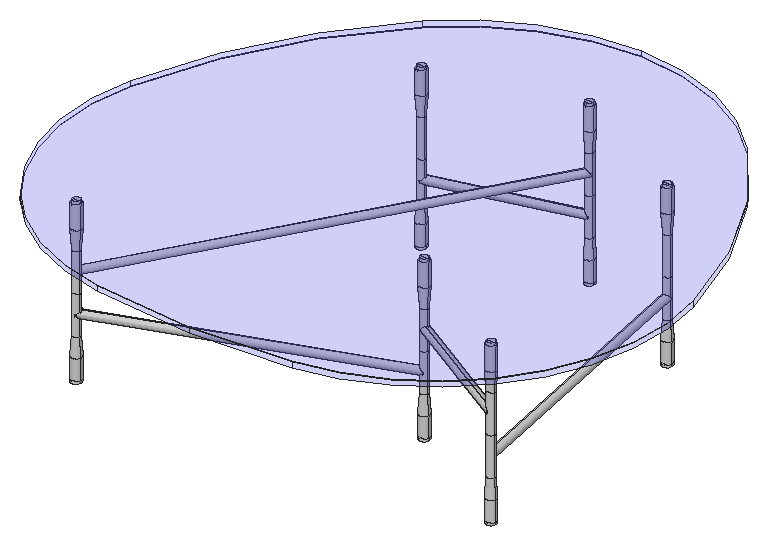
Revit family "Hinge Ovale-LivingDivani", category Furniture, Revit 2013
Parameters (values of type "Hinge Ovale1")
  URL = "http://www.livingdivani.it"
  Model = "Hinge"
  Mat. Vetro = Vetro
  Mat. Struttura = Steel, Polished
  Manufacturer = "LivingDivani"
  Hinge Ovale2 = not(Hinge Ovale1)  # no
  Hinge Ovale1 = yes
  Codice prodotto = "HINV120118"
Types (3, lengths in cm): name | Hinge Ovale2 | Hinge Ovale1
  (no name) | no | yes
  Hinge Ovale1 | no | yes
  Hinge Ovale2 | yes | no
Reference planes (cm)
  plane 1 "Centro (Fronte/Retro)": y = 0
  plane 2: z = 0
  plane 3 "Centro (Sinistra/Destra)": x = 0
  plane 4: z = 32
  plane 5: z = 34
Forms (cm)
  Revolve 1, solid, material "Steel, Polished" <- "Mat. Struttura", visible <- "Hinge Ovale1"
    sketch origin (0, 35.9858, 0) x (1, 0, 0) y (0, 0, 1)
      loop
        line (-26.5272, 33.5) -> (-26.5272, 34) -> (-27.3272, 34) -> (-27.3272, 24.75) -> (-26.5272, 24.75) -> (-26.3272, 28.75) -> (-26.3272, 33.5) -> (-26.5272, 33.5)
      axis (-27.3272, 34) -> (-27.3272, 24.75)
    angle from 0 to 360
  Revolve 2, solid, material "Steel, Polished" <- "Mat. Struttura", visible <- "Hinge Ovale1"
    sketch origin (0, 35.9858, 0) x (1, 0, 0) y (0, 0, 1)
      loop
        line (-27.3272, 24.75) -> (-27.3272, 16.75) -> (-26.5272, 16.75) -> (-26.5272, 24.75) -> (-27.3272, 24.75)
      axis (-27.3272, 24.75) -> (-27.3272, 16.75)
    angle from 0 to 360
  Revolve 3, solid, material "Steel, Polished" <- "Mat. Struttura", visible <- "Hinge Ovale1"
    sketch origin (0, 35.9858, 0) x (1, 0, 0) y (0, 0, 1)
      loop
        line (-27.3272, 16.75) -> (-27.3272, 8.75) -> (-26.5272, 8.75) -> (-26.5272, 16.75) -> (-27.3272, 16.75)
      axis (-27.3272, 16.75) -> (-27.3272, 8.75)
    angle from 0 to 360
  Revolve 4, solid, material "Steel, Polished" <- "Mat. Struttura", visible <- "Hinge Ovale1"
    sketch origin (0, 35.9858, 0) x (1, 0, 0) y (0, 0, 1)
      loop
        line (-26.3272, 4.75) -> (-26.5272, 8.75) -> (-27.3272, 8.75) -> (-27.3272, 0.5) -> (-26.3272, 0.5) -> (-26.3272, 4.75)
      axis (-27.3272, 8.75) -> (-27.3272, 0.5)
    angle from 0 to 360
  Revolve 5, solid, material "Steel, Polished" <- "Mat. Struttura", visible <- "Hinge Ovale1"
    sketch origin (0, 35.9858, 0) x (1, 0, 0) y (0, 0, 1)
      loop
        line (-27.3272, 0.5) -> (-27.3272, 0) -> (-26.3272, 0) -> (-26.3272, 0.5) -> (-27.3272, 0.5)
      axis (-27.3272, 0.5) -> (-27.3272, 0)
    angle from 0 to 360
  Revolve 6, solid, material "Steel, Polished" <- "Mat. Struttura", visible <- "Hinge Ovale1"
    sketch origin (28.9778, 43.7504, 0) x (1, 0, 0) y (0, 0, 1)
      loop
        line (-26.5272, 33.5) -> (-26.5272, 34) -> (-27.3272, 34) -> (-27.3272, 24.75) -> (-26.5272, 24.75) -> (-26.3272, 28.75) -> (-26.3272, 33.5) -> (-26.5272, 33.5)
      axis (-27.3272, 34) -> (-27.3272, 24.75)
    angle from 0 to 360
  Revolve 7, solid, material "Steel, Polished" <- "Mat. Struttura", visible <- "Hinge Ovale1"
    sketch origin (28.9778, 43.7504, 0) x (1, 0, 0) y (0, 0, 1)
      loop
        line (-27.3272, 24.75) -> (-27.3272, 16.75) -> (-26.5272, 16.75) -> (-26.5272, 24.75) -> (-27.3272, 24.75)
      axis (-27.3272, 24.75) -> (-27.3272, 16.75)
    angle from 0 to 360
  Revolve 8, solid, material "Steel, Polished" <- "Mat. Struttura", visible <- "Hinge Ovale1"
    sketch origin (28.9778, 43.7504, 0) x (1, 0, 0) y (0, 0, 1)
      loop
        line (-27.3272, 16.75) -> (-27.3272, 8.75) -> (-26.5272, 8.75) -> (-26.5272, 16.75) -> (-27.3272, 16.75)
      axis (-27.3272, 16.75) -> (-27.3272, 8.75)
    angle from 0 to 360
  Revolve 9, solid, material "Steel, Polished" <- "Mat. Struttura", visible <- "Hinge Ovale1"
    sketch origin (28.9778, 43.7504, 0) x (1, 0, 0) y (0, 0, 1)
      loop
        line (-26.3272, 4.75) -> (-26.5272, 8.75) -> (-27.3272, 8.75) -> (-27.3272, 0.5) -> (-26.3272, 0.5) -> (-26.3272, 4.75)
      axis (-27.3272, 8.75) -> (-27.3272, 0.5)
    angle from 0 to 360
  Revolve 10, solid, material "Steel, Polished" <- "Mat. Struttura", visible <- "Hinge Ovale1"
    sketch origin (28.9778, 43.7504, 0) x (1, 0, 0) y (0, 0, 1)
      loop
        line (-27.3272, 0.5) -> (-27.3272, 0) -> (-26.3272, 0) -> (-26.3272, 0.5) -> (-27.3272, 0.5)
      axis (-27.3272, 0.5) -> (-27.3272, 0)
    angle from 0 to 360
  Revolve 11, solid, material "Steel, Polished" <- "Mat. Struttura", visible <- "Hinge Ovale1"
    sketch origin (-16.0222, -34.1919, 0) x (1, 0, 0) y (0, 0, 1)
      loop
        line (-26.5272, 33.5) -> (-26.5272, 34) -> (-27.3272, 34) -> (-27.3272, 24.75) -> (-26.5272, 24.75) -> (-26.3272, 28.75) -> (-26.3272, 33.5) -> (-26.5272, 33.5)
      axis (-27.3272, 34) -> (-27.3272, 24.75)
    angle from 0 to 360
  Revolve 12, solid, material "Steel, Polished" <- "Mat. Struttura", visible <- "Hinge Ovale1"
    sketch origin (-16.0222, -34.1919, 0) x (1, 0, 0) y (0, 0, 1)
      loop
        line (-27.3272, 24.75) -> (-27.3272, 16.75) -> (-26.5272, 16.75) -> (-26.5272, 24.75) -> (-27.3272, 24.75)
      axis (-27.3272, 24.75) -> (-27.3272, 16.75)
    angle from 0 to 360
  Revolve 13, solid, material "Steel, Polished" <- "Mat. Struttura", visible <- "Hinge Ovale1"
    sketch origin (-16.0222, -34.1919, 0) x (1, 0, 0) y (0, 0, 1)
      loop
        line (-27.3272, 16.75) -> (-27.3272, 8.75) -> (-26.5272, 8.75) -> (-26.5272, 16.75) -> (-27.3272, 16.75)
      axis (-27.3272, 16.75) -> (-27.3272, 8.75)
    angle from 0 to 360
  Revolve 14, solid, material "Steel, Polished" <- "Mat. Struttura", visible <- "Hinge Ovale1"
    sketch origin (-16.0222, -34.1919, 0) x (1, 0, 0) y (0, 0, 1)
      loop
        line (-26.3272, 4.75) -> (-26.5272, 8.75) -> (-27.3272, 8.75) -> (-27.3272, 0.5) -> (-26.3272, 0.5) -> (-26.3272, 4.75)
      axis (-27.3272, 8.75) -> (-27.3272, 0.5)
    angle from 0 to 360
  Revolve 15, solid, material "Steel, Polished" <- "Mat. Struttura", visible <- "Hinge Ovale1"
    sketch origin (-16.0222, -34.1919, 0) x (1, 0, 0) y (0, 0, 1)
      loop
        line (-27.3272, 0.5) -> (-27.3272, 0) -> (-26.3272, 0) -> (-26.3272, 0.5) -> (-27.3272, 0.5)
      axis (-27.3272, 0.5) -> (-27.3272, 0)
    angle from 0 to 360
  Revolve 16, solid, material "Steel, Polished" <- "Mat. Struttura", visible <- "Hinge Ovale1"
    sketch origin (40.3593, -13.6707, 0) x (1, 0, 0) y (0, 0, 1)
      loop
        line (-26.5272, 33.5) -> (-26.5272, 34) -> (-27.3272, 34) -> (-27.3272, 24.75) -> (-26.5272, 24.75) -> (-26.3272, 28.75) -> (-26.3272, 33.5) -> (-26.5272, 33.5)
      axis (-27.3272, 34) -> (-27.3272, 24.75)
    angle from 0 to 360
  Revolve 17, solid, material "Steel, Polished" <- "Mat. Struttura", visible <- "Hinge Ovale1"
    sketch origin (40.3593, -13.6707, 0) x (1, 0, 0) y (0, 0, 1)
      loop
        line (-27.3272, 24.75) -> (-27.3272, 16.75) -> (-26.5272, 16.75) -> (-26.5272, 24.75) -> (-27.3272, 24.75)
      axis (-27.3272, 24.75) -> (-27.3272, 16.75)
    angle from 0 to 360
  Revolve 18, solid, material "Steel, Polished" <- "Mat. Struttura", visible <- "Hinge Ovale1"
    sketch origin (40.3593, -13.6707, 0) x (1, 0, 0) y (0, 0, 1)
      loop
        line (-27.3272, 16.75) -> (-27.3272, 8.75) -> (-26.5272, 8.75) -> (-26.5272, 16.75) -> (-27.3272, 16.75)
      axis (-27.3272, 16.75) -> (-27.3272, 8.75)
    angle from 0 to 360
  Revolve 19, solid, material "Steel, Polished" <- "Mat. Struttura", visible <- "Hinge Ovale1"
    sketch origin (40.3593, -13.6707, 0) x (1, 0, 0) y (0, 0, 1)
      loop
        line (-26.3272, 4.75) -> (-26.5272, 8.75) -> (-27.3272, 8.75) -> (-27.3272, 0.5) -> (-26.3272, 0.5) -> (-26.3272, 4.75)
      axis (-27.3272, 8.75) -> (-27.3272, 0.5)
    angle from 0 to 360
  Revolve 20, solid, material "Steel, Polished" <- "Mat. Struttura", visible <- "Hinge Ovale1"
    sketch origin (40.3593, -13.6707, 0) x (1, 0, 0) y (0, 0, 1)
      loop
        line (-27.3272, 0.5) -> (-27.3272, 0) -> (-26.3272, 0) -> (-26.3272, 0.5) -> (-27.3272, 0.5)
      axis (-27.3272, 0.5) -> (-27.3272, 0)
    angle from 0 to 360
  Revolve 21, solid, material "Steel, Polished" <- "Mat. Struttura", visible <- "Hinge Ovale1"
    sketch origin (66.3401, -28.6707, 0) x (1, 0, 0) y (0, 0, 1)
      loop
        line (-26.5272, 33.5) -> (-26.5272, 34) -> (-27.3272, 34) -> (-27.3272, 24.75) -> (-26.5272, 24.75) -> (-26.3272, 28.75) -> (-26.3272, 33.5) -> (-26.5272, 33.5)
      axis (-27.3272, 34) -> (-27.3272, 24.75)
    angle from 0 to 360
  Revolve 22, solid, material "Steel, Polished" <- "Mat. Struttura", visible <- "Hinge Ovale1"
    sketch origin (66.3401, -28.6707, 0) x (1, 0, 0) y (0, 0, 1)
      loop
        line (-27.3272, 24.75) -> (-27.3272, 16.75) -> (-26.5272, 16.75) -> (-26.5272, 24.75) -> (-27.3272, 24.75)
      axis (-27.3272, 24.75) -> (-27.3272, 16.75)
    angle from 0 to 360
  Revolve 23, solid, material "Steel, Polished" <- "Mat. Struttura", visible <- "Hinge Ovale1"
    sketch origin (66.3401, -28.6707, 0) x (1, 0, 0) y (0, 0, 1)
      loop
        line (-27.3272, 16.75) -> (-27.3272, 8.75) -> (-26.5272, 8.75) -> (-26.5272, 16.75) -> (-27.3272, 16.75)
      axis (-27.3272, 16.75) -> (-27.3272, 8.75)
    angle from 0 to 360
  Revolve 24, solid, material "Steel, Polished" <- "Mat. Struttura", visible <- "Hinge Ovale1"
    sketch origin (66.3401, -28.6707, 0) x (1, 0, 0) y (0, 0, 1)
      loop
        line (-26.3272, 4.75) -> (-26.5272, 8.75) -> (-27.3272, 8.75) -> (-27.3272, 0.5) -> (-26.3272, 0.5) -> (-26.3272, 4.75)
      axis (-27.3272, 8.75) -> (-27.3272, 0.5)
    angle from 0 to 360
  Revolve 25, solid, material "Steel, Polished" <- "Mat. Struttura", visible <- "Hinge Ovale1"
    sketch origin (66.3401, -28.6707, 0) x (1, 0, 0) y (0, 0, 1)
      loop
        line (-27.3272, 0.5) -> (-27.3272, 0) -> (-26.3272, 0) -> (-26.3272, 0.5) -> (-27.3272, 0.5)
      axis (-27.3272, 0.5) -> (-27.3272, 0)
    angle from 0 to 360
  Revolve 26, solid, material "Steel, Polished" <- "Mat. Struttura", visible <- "Hinge Ovale1"
    sketch origin (55.9212, 30.4178, 0) x (1, 0, 0) y (0, 0, 1)
      loop
        line (-26.5272, 33.5) -> (-26.5272, 34) -> (-27.3272, 34) -> (-27.3272, 24.75) -> (-26.5272, 24.75) -> (-26.3272, 28.75) -> (-26.3272, 33.5) -> (-26.5272, 33.5)
      axis (-27.3272, 34) -> (-27.3272, 24.75)
    angle from 0 to 360
  Revolve 27, solid, material "Steel, Polished" <- "Mat. Struttura", visible <- "Hinge Ovale1"
    sketch origin (55.9212, 30.4178, 0) x (1, 0, 0) y (0, 0, 1)
      loop
        line (-27.3272, 24.75) -> (-27.3272, 16.75) -> (-26.5272, 16.75) -> (-26.5272, 24.75) -> (-27.3272, 24.75)
      axis (-27.3272, 24.75) -> (-27.3272, 16.75)
    angle from 0 to 360
  Revolve 28, solid, material "Steel, Polished" <- "Mat. Struttura", visible <- "Hinge Ovale1"
    sketch origin (55.9212, 30.4178, 0) x (1, 0, 0) y (0, 0, 1)
      loop
        line (-27.3272, 16.75) -> (-27.3272, 8.75) -> (-26.5272, 8.75) -> (-26.5272, 16.75) -> (-27.3272, 16.75)
      axis (-27.3272, 16.75) -> (-27.3272, 8.75)
    angle from 0 to 360
  Revolve 29, solid, material "Steel, Polished" <- "Mat. Struttura", visible <- "Hinge Ovale1"
    sketch origin (55.9212, 30.4178, 0) x (1, 0, 0) y (0, 0, 1)
      loop
        line (-26.3272, 4.75) -> (-26.5272, 8.75) -> (-27.3272, 8.75) -> (-27.3272, 0.5) -> (-26.3272, 0.5) -> (-26.3272, 4.75)
      axis (-27.3272, 8.75) -> (-27.3272, 0.5)
    angle from 0 to 360
  Revolve 30, solid, material "Steel, Polished" <- "Mat. Struttura", visible <- "Hinge Ovale1"
    sketch origin (55.9212, 30.4178, 0) x (1, 0, 0) y (0, 0, 1)
      loop
        line (-27.3272, 0.5) -> (-27.3272, 0) -> (-26.3272, 0) -> (-26.3272, 0.5) -> (-27.3272, 0.5)
      axis (-27.3272, 0.5) -> (-27.3272, 0)
    angle from 0 to 360
  Extrusion 31, solid, material "Vetro" <- "Mat. Vetro", visible <- "Hinge Ovale1"
    sketch origin (-61.1846, -152.4, 34) x (-1, 0, 0) y (0, -1, 0)
      loop
        arc (-60.2271, -212.973) -> (-41.7603, -209.0946) -> (-26.2271, -198.3808) r 47.8697
        arc (-26.2271, -198.3808) -> (-10.818, -177.4129) -> (-1.3568, -153.173) r 99.7422
        arc (-1.3568, -153.173) -> (-7.9459, -116.1425) -> (-39.8778, -96.2671) r 46.2266
        arc (-39.8778, -96.2671) -> (-50.0329, -95.2653) -> (-60.2271, -94.8085) r 190.5781
        arc (-60.2271, -94.8085) -> (-70.4213, -95.2653) -> (-80.5764, -96.2671) r 190.5781
        arc (-80.5764, -96.2671) -> (-112.5082, -116.1425) -> (-119.0974, -153.173) r 46.2266
        arc (-119.0974, -153.173) -> (-109.6361, -177.4129) -> (-94.2271, -198.3808) r 99.7422
        arc (-94.2271, -198.3808) -> (-78.6939, -209.0946) -> (-60.2271, -212.973) r 47.8697
    from 0 to 1.2
  Revolve 32, solid, material "Steel, Polished" <- "Mat. Struttura", visible <- "Hinge Ovale1"
    sketch origin (15.126, 47.3599, -8) x (0.965926, 0.258819, 0) y (0, 0, 1)
      loop
        line (-43.9517, 19.95) -> (-13.9403, 19.95) -> (-13.9403, 20.75) -> (-43.9517, 20.75) -> (-43.9517, 19.95)
      axis (-43.9517, 20.75) -> (-13.9403, 20.75)
    angle from 0 to 360
  Revolve 33, solid, material "Steel, Polished" <- "Mat. Struttura", visible <- "Hinge Ovale1"
    sketch origin (-1.3977, 38.4707, 0) x (0.5, 0.866025, 0) y (0, 0, 1)
      loop
        line (-83.957, 19.95) -> (6.1311, 19.95) -> (6.1311, 20.75) -> (-83.957, 20.75) -> (-83.957, 19.95)
      axis (-83.957, 20.75) -> (6.1311, 20.75)
    angle from 0 to 360
  Revolve 34, solid, material "Steel, Polished" <- "Mat. Struttura", visible <- "Hinge Ovale1"
    sketch origin (36.1081, -5.2717, -8) x (0.939693, 0.34202, 0) y (0, 0, 1)
      loop
        line (-84.5721, 19.95) -> (-24.5557, 19.95) -> (-24.5557, 20.75) -> (-84.5721, 20.75) -> (-84.5721, 19.95)
      axis (-84.5721, 20.75) -> (-24.5557, 20.75)
    angle from 0 to 360
  Revolve 35, solid, material "Steel, Polished" <- "Mat. Struttura", visible <- "Hinge Ovale1"
    sketch origin (-7.7141, -1.6928, 0) x (-0.866025, 0.5, 0) y (0, 0, 1)
      loop
        line (-53.98, 19.95) -> (-23.8946, 19.95) -> (-23.8946, 20.75) -> (-53.98, 20.75) -> (-53.98, 19.95)
      axis (-53.98, 20.75) -> (-23.8946, 20.75)
    angle from 0 to 360
  Revolve 36, solid, material "Steel, Polished" <- "Mat. Struttura", visible <- "Hinge Ovale1"
    sketch origin (24.4388, 54.0036, -8) x (-0.173583, 0.984819, 0) y (0, 0, 1)
      loop
        line (-83.9956, 19.95) -> (-23.9435, 19.95) -> (-23.9435, 20.75) -> (-83.9956, 20.75) -> (-83.9956, 19.95)
      axis (-83.9956, 20.75) -> (-23.9435, 20.75)
    angle from 0 to 360
  Revolve 37, solid, material "Steel, Polished" <- "Mat. Struttura", visible <- "Hinge Ovale2"
    sketch origin (-166.9501, -24.8621, 0) x (1, 0, 0) y (0, 0, 1)
      loop
        line (128.7, 33.5) -> (128.7, 34) -> (127.9, 34) -> (127.9, 0) -> (128.9, 0) -> (128.9, 4.75) -> (128.7, 8.75) -> (128.7, 24.75) -> (128.9, 28.75) -> (128.9, 33.5) -> (128.7, 33.5)
      axis (127.9, 34) -> (127.9, 0)
    angle from 0 to 360
  Revolve 38, solid, material "Steel, Polished" <- "Mat. Struttura", visible <- "Hinge Ovale2"
    sketch origin (-108.0982, -36.6087, 0) x (1, 0, 0) y (0, 0, 1)
      loop
        line (128.7, 33.5) -> (128.7, 34) -> (127.9, 34) -> (127.9, 0) -> (128.9, 0) -> (128.9, 4.75) -> (128.7, 8.75) -> (128.7, 24.75) -> (128.9, 28.75) -> (128.9, 33.5) -> (128.7, 33.5)
      axis (127.9, 34) -> (127.9, 0)
    angle from 0 to 360
  Revolve 39, solid, material "Steel, Polished" <- "Mat. Struttura", visible <- "Hinge Ovale2"
    sketch origin (-94.7492, -9.7423, 0) x (1, 0, 0) y (0, 0, 1)
      loop
        line (128.7, 33.5) -> (128.7, 34) -> (127.9, 34) -> (127.9, 0) -> (128.9, 0) -> (128.9, 4.75) -> (128.7, 8.75) -> (128.7, 24.75) -> (128.9, 28.75) -> (128.9, 33.5) -> (128.7, 33.5)
      axis (127.9, 34) -> (127.9, 0)
    angle from 0 to 360
  Revolve 40, solid, material "Steel, Polished" <- "Mat. Struttura", visible <- "Hinge Ovale2"
    sketch origin (-95.647, 30.0718, 0) x (1, 0, 0) y (0, 0, 1)
      loop
        line (128.7, 33.5) -> (128.7, 34) -> (127.9, 34) -> (127.9, 0) -> (128.9, 0) -> (128.9, 4.75) -> (128.7, 8.75) -> (128.7, 24.75) -> (128.9, 28.75) -> (128.9, 33.5) -> (128.7, 33.5)
      axis (127.9, 34) -> (127.9, 0)
    angle from 0 to 360
  Revolve 41, solid, material "Steel, Polished" <- "Mat. Struttura", visible <- "Hinge Ovale2"
    sketch origin (-155.2714, 23.3689, 0) x (1, 0, 0) y (0, 0, 1)
      loop
        line (128.7, 33.5) -> (128.7, 34) -> (127.9, 34) -> (127.9, 0) -> (128.9, 0) -> (128.9, 4.75) -> (128.7, 8.75) -> (128.7, 24.75) -> (128.9, 28.75) -> (128.9, 33.5) -> (128.7, 33.5)
      axis (127.9, 34) -> (127.9, 0)
    angle from 0 to 360
  Revolve 42, solid, material "Steel, Polished" <- "Mat. Struttura", visible <- "Hinge Ovale2"
    sketch origin (-135.6473, 46.0601, 0) x (1, 0, 0) y (0, 0, 1)
      loop
        line (128.7, 33.5) -> (128.7, 34) -> (127.9, 34) -> (127.9, 0) -> (128.9, 0) -> (128.9, 4.75) -> (128.7, 8.75) -> (128.7, 24.75) -> (128.9, 28.75) -> (128.9, 33.5) -> (128.7, 33.5)
      axis (127.9, 34) -> (127.9, 0)
    angle from 0 to 360
  Revolve 43, solid, material "Steel, Polished" <- "Mat. Struttura", visible <- "Hinge Ovale2"
    sketch origin (-43.0577, 5.231, -8) x (-0.65414, -0.756374, 0) y (0, 0, 1)
      loop
        line (-53.98, 19.95) -> (-23.8946, 19.95) -> (-23.8946, 20.75) -> (-53.98, 20.75) -> (-53.98, 19.95)
      axis (-53.98, 20.75) -> (-23.8946, 20.75)
    angle from 0 to 360
  Revolve 44, solid, material "Steel, Polished" <- "Mat. Struttura", visible <- "Hinge Ovale2"
    sketch origin (-21.6826, 24.0083, 0) x (-0.99374, -0.111716, 0) y (0, 0, 1)
      loop
        line (-54.2752, 19.95) -> (5.7242, 19.95) -> (5.7242, 20.75) -> (-54.2752, 20.75) -> (-54.2752, 19.95)
      axis (-54.2752, 20.75) -> (5.7242, 20.75)
    angle from 0 to 360
  Revolve 45, solid, material "Steel, Polished" <- "Mat. Struttura", visible <- "Hinge Ovale2"
    sketch origin (145.8395, 117.5982, -8) x (0.792112, 0.610376, 0) y (0, 0, 1)
      loop
        line (-233.4076, 19.95) -> (-143.3954, 19.95) -> (-143.3954, 20.75) -> (-233.4076, 20.75) -> (-233.4076, 19.95)
      axis (-233.4076, 20.75) -> (-143.3954, 20.75)
    angle from 0 to 360
  Revolve 46, solid, material "Steel, Polished" <- "Mat. Struttura", visible <- "Hinge Ovale2"
    sketch origin (-62.5298, -20.1721, 0) x (-0.980648, 0.195778, 0) y (0, 0, 1)
      loop
        line (-83.9756, 19.95) -> (-23.9435, 19.95) -> (-23.9435, 20.75) -> (-83.9756, 20.75) -> (-83.9756, 19.95)
      axis (-83.9756, 20.75) -> (-23.9435, 20.75)
    angle from 0 to 360
  Revolve 47, solid, material "Steel, Polished" <- "Mat. Struttura", visible <- "Hinge Ovale2"
    sketch origin (43.8048, 11.7002, -8) x (0.444967, 0.895547, 0) y (0, 0, 1)
      loop
        line (-53.9426, 19.95) -> (-23.9435, 19.95) -> (-23.9435, 20.75) -> (-53.9426, 20.75) -> (-53.9426, 19.95)
      axis (-53.9426, 20.75) -> (-23.9435, 20.75)
    angle from 0 to 360
  Extrusion 48, solid, material "Vetro" <- "Mat. Vetro", visible <- "Hinge Ovale2"
    sketch origin (-61.1846, -152.4, 34) x (-1, 0, 0) y (0, -1, 0)
      loop
        arc (-60.2271, -212.973) -> (-41.7603, -209.0946) -> (-26.2271, -198.3808) r 47.8697
        arc (-26.2271, -198.3808) -> (-10.818, -177.4129) -> (-1.3568, -153.173) r 99.7422
        arc (-1.3568, -153.173) -> (-7.9459, -116.1425) -> (-39.8778, -96.2671) r 46.2266
        arc (-39.8778, -96.2671) -> (-50.0329, -95.2653) -> (-60.2271, -94.8085) r 190.5781
        arc (-60.2271, -94.8085) -> (-70.4213, -95.2653) -> (-80.5764, -96.2671) r 190.5781
        arc (-80.5764, -96.2671) -> (-112.5082, -116.1425) -> (-119.0974, -153.173) r 46.2266
        arc (-119.0974, -153.173) -> (-109.6361, -177.4129) -> (-94.2271, -198.3808) r 99.7422
        arc (-94.2271, -198.3808) -> (-78.6939, -209.0946) -> (-60.2271, -212.973) r 47.8697
    from 0 to 1.2
Cuts and joins
  joined: Revolve 13, Revolve 14
Dimensions and locks (cm)
  aligned and locked: level to plane 2
